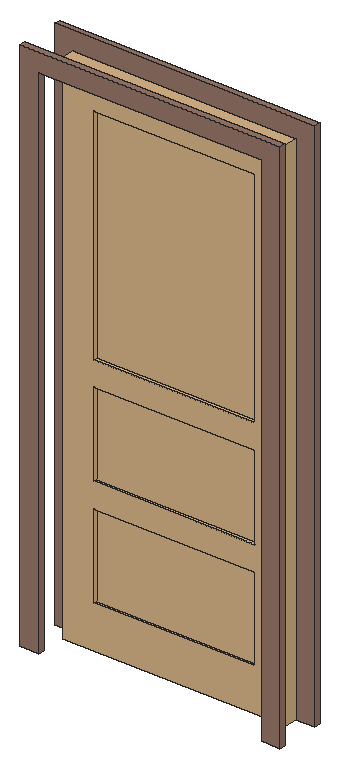
Revit family
Parameters (values of type "0915 x 2134mm")
  Thickness = 51.00 mm
  Door Material = Door - Panel
  Frame Material = Door - Frame
  Height = 2134.00 mm
  Rail Width - Base = 175.00 mm
  Rail Width - Center = 100.00 mm
  Rail Width - Top = 150.00 mm
  Stile Width = 127.00 mm
  Top Panel = 915.00 mm
  Trim Projection Ext = 25.00 mm
  Trim Projection Int = 25.00 mm
  Trim Width = 76.00 mm
  Wall Closure = (empty or 0)
  Width = 915.00 mm
Types (7, lengths in mm): name | Height | Width
  0915 x 2134mm | 2134.00 | 915.00
  0864 x 2134mm | 2134.00 | 864.00
  0813 x 2134mm | 2134.00 | 813.00
  0762 x 2134mm | 2134.00 | 762.00
  0762 x 2032mm | 2032.00 | 762.00
  0915 x 2032mm | 2032.00 | 915.00
  0864 x 2032mm | 2032.00 | 864.00
Reference planes
  plane 1: y = 0
  plane 2: z = 0
  plane 3: x = 0
  plane 4: x = -457.5
  plane 5: x = 457.5
  plane 6: z = 2134
  plane 7: z = 1984
  plane 8: z = 1069
  plane 9: z = 969
  plane 10: z = 622
  plane 11: z = 522
  plane 12: z = 175
  plane 13: x = -330.5
  plane 14: x = 330.5
  plane 15: y = -76.2
Forms (mm)
  Extrusion 1, solid, material "Door - Panel" <- "Door Material"
    sketch origin (-1524, -76.2, 0) x (1, 0, 0) y (0, 0, 1)
      loop
        line (1066.5, 2134) -> (1066.5, 0) -> (1981.5, 0) -> (1981.5, 2134) -> (1066.5, 2134)
      loop
        line (1193.5, 1069) -> (1854.5, 1069) -> (1854.5, 1984) -> (1193.5, 1984) -> (1193.5, 1069)
      loop
        line (1193.5, 622) -> (1854.5, 622) -> (1854.5, 969) -> (1193.5, 969) -> (1193.5, 622)
      loop
        line (1193.5, 522) -> (1193.5, 175) -> (1854.5, 175) -> (1854.5, 522) -> (1193.5, 522)
    from -101.4 to -152.4
  Extrusion 2, solid, material "Door - Panel" <- "Door Material"
    sketch origin (-1524, 25.2, 0) x (1, 0, 0) y (0, 0, 1)
      loop
        line (1193.5, 1984) -> (1193.5, 1069) -> (1854.5, 1069) -> (1854.5, 1984) -> (1193.5, 1984)
      loop
        line (1193.5, 969) -> (1193.5, 622) -> (1854.5, 622) -> (1854.5, 969) -> (1193.5, 969)
      loop
        line (1854.5, 175) -> (1854.5, 522) -> (1193.5, 522) -> (1193.5, 175) -> (1854.5, 175)
    from -12.7 to -38.3
  Extrusion 3, solid, material "Door - Frame" <- "Frame Material"
    sketch origin (-1524, 76.2, 0) x (-1, 0, 0) y (0, 0, 1)
      loop
        line (-1981.5, 0) -> (-1981.5, 2134) -> (-1066.5, 2134) -> (-1066.5, 0) -> (-990.5, 0) -> (-990.5, 2210) -> (-2057.5, 2210) -> (-2057.5, 0) -> (-1981.5, 0)
    from 0.4 to 25.4
  Extrusion 4, solid, material "Door - Frame" <- "Frame Material"
    sketch origin (-1524, -76.2, 0) x (1, 0, 0) y (0, 0, 1)
      loop
        line (1066.5, 0) -> (1066.5, 2134) -> (1981.5, 2134) -> (1981.5, 0) -> (2057.5, 0) -> (2057.5, 2210) -> (990.5, 2210) -> (990.5, 0) -> (1066.5, 0)
    from 0 to 25
Lines and regions (mm)
  Opening 1
    outline origin (-1524, -76.2, 3657.6) x (0, 0, -1) y (1, 0, 0)
      loop
        line (1523.6, 1066.5) -> (3657.6, 1066.5) -> (3657.6, 1981.5) -> (1523.6, 1981.5) -> (1523.6, 1066.5)
  symbolic lines, style "DoorsPanelProjection"
    curve 1: line (457.5, 76.2, 0) -> (406.5, 76.2, 0)
    curve 2: line (457.5, 76.2, 0) -> (457.5, 991.2, 0)
    curve 3: line (457.5, 991.2, 0) -> (406.5, 991.2, 0)
    curve 4: line (406.5, 76.2, 0) -> (406.5, 991.2, 0)
  symbolic lines, style "Plan Swing"
    curve 5: arc (457.5, 991.2, 0) -> (-189.503, 723.203, 0) -> (-457.5, 76.2, 0) r 915
  model lines, style "DoorsFrameMullionProjection"
    curve 6: line (-533.7, -76.2, 2210) -> (533.5, -76.2, 2210)
    curve 7: line (533.5, -76.2, 2210) -> (533.5, -76.2, 0)
    curve 8: line (533.5, 76.2, 0) -> (533.5, 76.2, 2210)
    curve 9: line (-533.7, 76.2, 2210) -> (533.5, 76.2, 2210)
    curve 10: line (-533.7, 76.2, 2210) -> (-533.7, 76.2, 0)
  symbolic lines, style "Elevation Swing"
    curve 11: line (-457.5, 0, 2134) -> (457.5, 0, 1067)
    curve 12: line (457.5, 0, 1067) -> (-457.5, 0, 0)
Dimensions and locks
  equal spacing: plane 4, plane 3, plane 5
  "Width": plane 4 to plane 5
  locked: host wall to curve 1
  locked: host wall to curve 5 at 0
  control icon elem to plane 5 = 635.30 mm
  "Height": plane 6 to plane 2
  "Trim Width": plane 5 to curve 7
  "Trim Width": plane 6 to curve 6
  locked: curve 9 to host wall
  "Stile Width": plane 4 to plane 13
  "Stile Width": plane 14 to plane 5
  "Rail Width - Base": plane 12 to plane 2
  equal spacing: plane 8, plane 10, plane 12
  "Top Panel": plane 7 to plane 8
  "Rail Width - Top": plane 6 to plane 7
  "Rail Width - Center": plane 10 to plane 11
  "Rail Width - Center": plane 8 to plane 9
  locked: host wall to Extrusion 1
  "Thickness": Extrusion 1 to Extrusion 1
  "Trim Projection Ext": Extrusion 3 to Extrusion 3
  "Trim Projection Int": plane 15 to Extrusion 4
  locked: host wall to Extrusion 2 at 12.7
  "Thickness": curve 4 to plane 5
  "Trim Width": plane 4 to Extrusion 4 sketch curve
  "Trim Width": Extrusion 4 to plane 4
  equal spacing: plane 6, curve 12, level
  aligned and locked: curve 7 to level
  aligned and locked: curve 8 to curve 7
  aligned and locked: plane 6 to Extrusion 1 sketch curve
  aligned and locked: Extrusion 1 sketch curve to curve 1
  aligned and locked: plane 5 to Extrusion 1 sketch curve
  aligned and locked: plane 14 to Extrusion 2 sketch curve
  aligned and locked: Extrusion 2 sketch curve to plane 12
  aligned and locked: plane 11 to Extrusion 2 sketch curve
  aligned and locked: Extrusion 2 sketch curve to plane 13
  aligned and locked: host wall to Extrusion 1
  aligned and locked: Extrusion 2 sketch curve to Extrusion 1  (x7)
  aligned and locked: plane 7 to Extrusion 2 sketch curve
  aligned and locked: plane 15 to host wall
  aligned and locked: curve 6 to Extrusion 4 sketch curve
  aligned and locked: Extrusion 4 sketch curve to curve 7
  aligned and locked: Extrusion 4 to Extrusion 3 sketch curve
  aligned and locked: Extrusion 3 sketch curve to Extrusion 4  (x2)
Automatic sketch dimensions
  Opening 1 sketch curve to plane 6 = 0.00 mm
  Opening 1 sketch curve to level = 0.00 mm
  Opening 1 sketch curve to plane 4 = 0.00 mm
  Opening 1 sketch curve to plane 5 = 0.00 mm
  curve 3 to plane 5 = 0.00 mm
  curve 5 to plane 4 = 0.00 mm
  Extrusion 1 sketch curve to plane 4 = 0.00 mm
  Extrusion 1 sketch curve to plane 10 = 0.00 mm
  Extrusion 1 sketch curve to plane 13 = 0.00 mm  (x3)
  Extrusion 1 sketch curve to plane 12 = 0.00 mm
  Extrusion 1 sketch curve to plane 8 = 0.00 mm
  Extrusion 1 sketch curve to plane 14 = 0.00 mm  (x3)
  Extrusion 1 sketch curve to plane 9 = 0.00 mm
  Extrusion 1 sketch curve to plane 11 = 0.00 mm
  Extrusion 1 sketch curve to plane 7 = 0.00 mm
  Extrusion 3 sketch curve to level = 0.00 mm  (x2)
  Extrusion 3 sketch curve to plane 5 = 0.00 mm
  Extrusion 3 sketch curve to plane 4 = 0.00 mm
  Extrusion 3 sketch curve to plane 6 = 0.00 mm
  Extrusion 4 sketch curve to level = 0.00 mm  (x2)
  Extrusion 4 sketch curve to plane 4 = 0.00 mm
  Extrusion 4 sketch curve to plane 5 = 0.00 mm
  Extrusion 4 sketch curve to plane 6 = 0.00 mm
  curve 11 to plane 4 = 0.00 mm
  curve 11 to plane 6 = 0.00 mm
  curve 11 to plane 5 = 0.00 mm
  curve 10 to level = 0.00 mm
  curve 12 to level = 0.00 mm
  curve 8 to level = 0.00 mm
  curve 12 to plane 4 = 0.00 mm
  curve 10 to curve 6 = 0.00 mm  (x2)
  plane 4 to curve 6 = 76.20 mm
